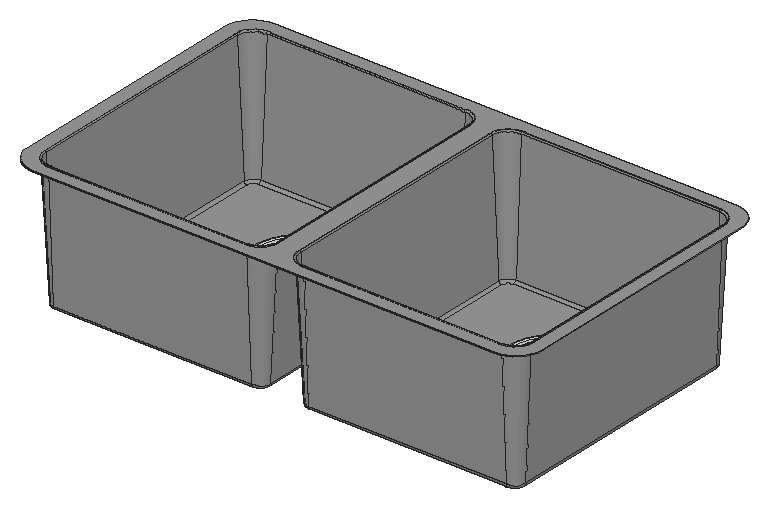
Revit family "SKS-KU768", category Plumbing Fixtures, host Face, Revit 2015
Parameters
  URL = "seima.com.au"
  Model = "SKS-KU768"
  Manufacturer = "SEIMA"
  Default Elevation = 900 mm
Reference planes
  plane 1 "Centro (Frente/Trás)": y = 0
  plane 2: z = 0
  plane 3 "Centro (Esquerda/Direita)": x = 0
  plane 4 "drain": z = -240.782
  plane 5: x = -187.5
  plane 6: x = 187.5
Forms (mm)
  Extrusion 1, solid, material "Padrão", not visible, detail levels fine
    sketch origin (0, 0, 0) x (1, 0, 0) y (0, 1, 0)
      loop
        line (-1500, 1500) -> (-1500, -1500) -> (1500, -1500) -> (1500, 1500) -> (-1500, 1500)
      loop
        line (-1450, 1450) -> (-1450, -1450) -> (1450, -1450) -> (1450, 1450) -> (-1450, 1450)
    from 0 to -175.6
  Extrusion 2, solid, material "SEIMA_STAINLESS_STEEL"
    sketch origin (0, 0, 0) x (1, 0, 0) y (0, 1, 0)
      loop
        arc (-339.5, 147.124) -> (-367.784, 135.408) -> (-379.5, 107.124) r 40
        line (-379.5, 107.124) -> (-379.5, -256.876)
        arc (-379.5, -256.876) -> (-367.784, -285.16) -> (-339.5, -296.876) r 40
        line (-339.5, -296.876) -> (339.5, -296.876)
        arc (339.5, -296.876) -> (367.784, -285.16) -> (379.5, -256.876) r 40
        line (379.5, -256.876) -> (379.5, 107.124)
        arc (379.5, 107.124) -> (367.784, 135.408) -> (339.5, 147.124) r 40
        line (339.5, 147.124) -> (-339.5, 147.124)
      loop
        line (333.372, 127.497) -> (41.628, 127.497)
        arc (41.628, 127.497) -> (22.889, 119.735) -> (15.128, 100.997) r 26.5
        line (15.128, 100.997) -> (15.128, -250.748)
        arc (15.128, -250.748) -> (22.889, -269.487) -> (41.628, -277.248) r 26.5
        line (41.628, -277.248) -> (333.372, -277.248)
        arc (333.372, -277.248) -> (352.111, -269.487) -> (359.872, -250.748) r 26.5
        line (359.872, -250.748) -> (359.872, 100.997)
        arc (359.872, 100.997) -> (352.111, 119.735) -> (333.372, 127.497) r 26.5
      loop
        arc (-333.372, 127.372) -> (-352.111, 119.611) -> (-359.872, 100.872) r 26.5
        line (-359.872, 100.872) -> (-359.872, -250.748)
        arc (-359.872, -250.748) -> (-352.111, -269.487) -> (-333.372, -277.248) r 26.5
        line (-333.372, -277.248) -> (-41.628, -277.248)
        arc (-41.628, -277.248) -> (-22.889, -269.487) -> (-15.128, -250.748) r 26.5
        line (-15.128, -250.748) -> (-15.128, 100.872)
        arc (-15.128, 100.872) -> (-22.889, 119.611) -> (-41.628, 127.372) r 26.5
        line (-41.628, 127.372) -> (-333.372, 127.372)
    from -0.8 to 0
  Sweep 3, solid
    path origin (-187.5, 0, -24.198) x (1, 0, 0) y (0, 1, 0)
      loop
        circle (0, 0) r 59.669
    profile origin (-187.5, 59.669, -24.198) x (0, -1, 0) y (0, 0, 1)
      loop
        line (0, -170.002) -> (0, -171.002) -> (3.149, -174.151) -> (14.172, -175.988) -> (14.172, -174.988) -> (3.149, -173.151) -> (0, -170.002)
  Sweep 4, solid, material "SEIMA_STAINLESS_STEEL"
    path origin (-7.443, 0, 0) x (1, 0, 0) y (0, 1, 0)
      loop
        arc (-325.929, 127.497) -> (-344.667, 119.735) -> (-352.429, 100.997) r 26.5
        line (-352.429, 100.997) -> (-352.429, -250.748)
        arc (-352.429, -250.748) -> (-344.667, -269.487) -> (-325.929, -277.248) r 26.5
        line (-325.929, -277.248) -> (-34.184, -277.248)
        arc (-34.184, -277.248) -> (-15.446, -269.487) -> (-7.684, -250.748) r 26.5
        line (-7.684, -250.748) -> (-7.684, 100.997)
        arc (-7.684, 100.997) -> (-15.446, 119.735) -> (-34.184, 127.497) r 26.5
        line (-34.184, 127.497) -> (-325.929, 127.497)
    profile origin (-15.128, -74.876, 0) x (1, 0, 0) y (0, 0, 1)
      loop
        arc (-1.498, -2.222) -> (-1.033, -1.212) -> (0, -0.8) r 1.5
        line (0, -0.8) -> (0, 0)
        arc (0, 0) -> (-1.583, -0.632) -> (-2.297, -2.18) r 2.3
        line (-2.297, -2.18) -> (-12.141, -190.22)
        arc (-12.141, -190.22) -> (-13.444, -193.046) -> (-16.335, -194.2) r 4.2
        line (-16.335, -194.2) -> (-16.335, -195)
        arc (-16.335, -195) -> (-12.894, -193.627) -> (-11.342, -190.261) r 5
        line (-11.342, -190.261) -> (-1.498, -2.222)
  Extrusion 5, solid, material "SEIMA_STAINLESS_STEEL"
    sketch origin (0, 0, 0) x (1, 0, 0) y (0, 1, 0)
      loop
        arc (-333.372, 111.161) -> (-340.56, 108.184) -> (-343.537, 100.997) r 10.165
        line (-343.537, 100.997) -> (-343.537, -250.748)
        arc (-343.537, -250.748) -> (-340.56, -257.936) -> (-333.372, -260.913) r 10.165
        line (-333.372, -260.913) -> (-41.628, -260.913)
        arc (-41.628, -260.913) -> (-34.44, -257.936) -> (-31.463, -250.748) r 10.165
        line (-31.463, -250.748) -> (-31.463, 100.997)
        arc (-31.463, 100.997) -> (-34.44, 108.184) -> (-41.628, 111.161) r 10.165
        line (-41.628, 111.161) -> (-333.372, 111.161)
      loop
        line (31.463, 100.997) -> (31.463, -250.748)
        arc (31.463, -250.748) -> (34.44, -257.936) -> (41.628, -260.913) r 10.165
        line (41.628, -260.913) -> (333.372, -260.913)
        arc (333.372, -260.913) -> (340.56, -257.936) -> (343.537, -250.748) r 10.165
        line (343.537, -250.748) -> (343.537, 100.997)
        arc (343.537, 100.997) -> (340.56, 108.184) -> (333.372, 111.161) r 10.165
        line (333.372, 111.161) -> (41.628, 111.161)
        arc (41.628, 111.161) -> (34.44, 108.184) -> (31.463, 100.997) r 10.165
      loop
        circle (-187.5, 0) r 59.669
      loop
        circle (187.5, 0) r 59.669
    from -195 to -194.2
  Sweep 6, solid
    path origin (187.5, 0, -24.198) x (1, 0, 0) y (0, 1, 0)
      loop
        circle (0, 0) r 59.669
    profile origin (187.5, 59.669, -24.198) x (0, -1, 0) y (0, 0, 1)
      loop
        line (0, -170.002) -> (0, -171.002) -> (3.149, -174.151) -> (14.172, -175.988) -> (14.172, -174.988) -> (3.149, -173.151) -> (0, -170.002)
  Sweep 7, solid, material "SEIMA_STAINLESS_STEEL"
    path origin (7.443, 0, 0) x (-1, 0, 0) y (0, -1, 0)
      loop
        line (-325.929, -127.497) -> (-34.184, -127.497)
        arc (-34.184, -127.497) -> (-15.446, -119.735) -> (-7.684, -100.997) r 26.5
        line (-7.684, -100.997) -> (-7.684, 250.748)
        arc (-7.684, 250.748) -> (-15.446, 269.487) -> (-34.184, 277.248) r 26.5
        line (-34.184, 277.248) -> (-325.929, 277.248)
        arc (-325.929, 277.248) -> (-344.667, 269.487) -> (-352.429, 250.748) r 26.5
        line (-352.429, 250.748) -> (-352.429, -100.997)
        arc (-352.429, -100.997) -> (-344.667, -119.735) -> (-325.929, -127.497) r 26.5
    profile origin (15.128, -74.876, 0) x (1, 0, 0) y (0, 0, 1)
      loop
        line (1.498, -2.222) -> (11.342, -190.261)
        arc (11.342, -190.261) -> (12.894, -193.627) -> (16.335, -195) r 5
        line (16.335, -195) -> (16.335, -194.2)
        arc (16.335, -194.2) -> (13.444, -193.046) -> (12.141, -190.22) r 4.2
        line (12.141, -190.22) -> (2.297, -2.18)
        arc (2.297, -2.18) -> (1.583, -0.632) -> (0, 0) r 2.3
        line (0, 0) -> (0, -0.8)
        arc (0, -0.8) -> (1.033, -1.212) -> (1.498, -2.222) r 1.5
Cuts and joins
  joined: Sweep 4, Extrusion 5, Sweep 7
Dimensions and locks
  aligned and locked: plane 2 to Extrusion 1
  aligned and locked: level to Extrusion 1
Nested families
  nested 1: "basket_waste" at (-187.5, 0, -195.782), type "basket_waste", detail levels fine
  nested 2: "basket_waste" at (187.5, 0, -195.782), type "basket_waste", detail levels fine
Connectors
  piping at (-187.5, 0, -240.782), diameter 40
    settings: index 2, connector inside diameter 609.6 mm, connector length 0 mm, flow factor 0, pipe flow 0.0 L/s, pressure drop 0.0 Pa, fitting loss kfactor 0, connector angle 0.00°, fixture units 0, engagement length 0 mm, angle of deflection 0.00°, flow configuration 0, flow direction 2, fitting loss method 0, system type 16, joint type 0, gender type 0, connector reference index -1, connector utility 0, adjustable connector no, is connector primary yes, connector description ""
  piping at (187.5, 0, -240.782), diameter 40
    settings: index 3, connector inside diameter 609.6 mm, connector length 0 mm, flow factor 0, pipe flow 0.0 L/s, pressure drop 0.0 Pa, fitting loss kfactor 0, connector angle 0.00°, fixture units 0, engagement length 0 mm, angle of deflection 0.00°, flow configuration 0, flow direction 2, fitting loss method 0, system type 16, joint type 0, gender type 0, connector reference index -1, connector utility 0, adjustable connector no, is connector primary no, connector description ""
Definition of nested family "basket_waste"
  Parameters (values of type "basket_waste")
    Default Elevation = 1219.2 mm
  Reference planes
    plane 1 "Centro (Frente/Trás)": y = 0
    plane 2: z = 0
    plane 3 "Centro (Esquerda/Direita)": x = 0
  Forms (mm)
    Extrusion 1, solid
      sketch origin (0, 0, 0) x (1, 0, 0) y (0, 1, 0)
        loop
          line (-120, 140) -> (-120, -133.115) -> (112.501, -133.115) -> (112.501, 140) -> (-120, 140)
      from 0 to -304.8
    Revolve 2, solid
      sketch origin (0, 0, 0) x (0, 1, 0) y (0, 0, 1)
        loop
          line (-50.396, 0) -> (-57.813, 0) -> (-43.273, -1.577)
          arc (-43.273, -1.577) -> (-40.091, -3.209) -> (-38.812, -6.548) r 5
          line (-38.812, -6.548) -> (-38.813, -20)
          arc (-38.813, -20) -> (-36.08, -26.869) -> (-29.375, -29.984) r 10
          arc (-29.375, -29.984) -> (-25.823, -31.659) -> (-24.375, -35.3) r 5.3
          line (-24.375, -35.3) -> (-24.375, -41.7)
          arc (-24.375, -41.7) -> (-23.408, -44.033) -> (-21.075, -45) r 3.3
          line (-21.075, -45) -> (0, -45) -> (0, -44.2) -> (-21.075, -44.2)
          arc (-21.075, -44.2) -> (-22.843, -43.468) -> (-23.575, -41.7) r 2.5
          line (-23.575, -41.7) -> (-23.575, -35.3)
          arc (-23.575, -35.3) -> (-25.242, -31.11) -> (-29.332, -29.21) r 6.1
          arc (-29.332, -29.21) -> (-35.498, -26.32) -> (-38.013, -20) r 9.2
          line (-38.013, -20) -> (-38.012, -6.548)
          arc (-38.012, -6.548) -> (-39.496, -2.675) -> (-43.187, -0.782) r 5.8
          line (-43.187, -0.782) -> (-50.396, 0)
        axis (0, 0) -> (0, -45)
      angle from 0 to 360
    Revolve 3, solid
      sketch origin (0, 0, 0) x (0, 1, 0) y (0, 0, 1)
        loop
          line (-20.985, -33.693) -> (0, -33.693) -> (0, -14.506) -> (-6.884, -14.506)
          arc (-6.884, -14.506) -> (-7.986, -14.962) -> (-8.442, -16.064) r 1.558
          line (-8.442, -16.064) -> (-6.571, -16.064)
          spline (-6.571, -16.064) -> (-6.214, -17.343) -> (-5.932, -18.652) -> (-5.723, -19.991) -> (-5.588, -21.36) -> (-5.527, -22.759) -> (-5.541, -24.188) -> (-5.628, -25.648) -> (-5.79, -27.137) -> (-6.025, -28.656) -> (-6.335, -30.205) -> (-6.719, -31.784) -> (-7.177, -33.393)
          line (-7.177, -33.393) -> (-20.792, -33.393)
          spline (-20.792, -33.393) -> (-21.995, -31.218) -> (-23.476, -29.492) -> (-25.148, -28.128) -> (-26.926, -27.035) -> (-28.727, -26.123) -> (-30.47, -25.298) -> (-32.074, -24.468) -> (-33.466, -23.552) -> (-34.575, -22.468) -> (-35.333, -21.13) -> (-35.684, -19.424) -> (-35.551, -17.238)
          arc (-35.551, -17.238) -> (-35.791, -16.502) -> (-36.46, -16.113) r 1.086
          arc (-36.46, -16.113) -> (-36.013, -16.568) -> (-35.849, -17.185) r 1.246
          spline (-35.849, -17.185) -> (-35.994, -19.459) -> (-35.625, -21.267) -> (-34.82, -22.699) -> (-33.659, -23.846) -> (-32.22, -24.8) -> (-30.582, -25.651) -> (-28.823, -26.49) -> (-27.023, -27.409) -> (-25.261, -28.497) -> (-23.614, -29.847) -> (-22.163, -31.548) -> (-20.985, -33.693)
        axis (0, -14.506) -> (0, -33.693)
      angle from 0 to 360
    Extrusion 4, void
      sketch origin (0, 0, 0) x (1, 0, 0) y (0, 1, 0)
        loop
          spline (-1, -32.405) -> (-0.966, -32.69) -> (-0.866, -32.957) -> (-0.707, -33.185) -> (-0.5, -33.361) -> (-0.259, -33.471) -> (0, -33.509) -> (0.259, -33.471) -> (0.5, -33.361) -> (0.707, -33.185) -> (0.866, -32.957) -> (0.966, -32.69) -> (1, -32.405)
          line (1, -32.405) -> (1, -12.995)
          spline (1, -12.995) -> (0.966, -12.709) -> (0.866, -12.443) -> (0.707, -12.214) -> (0.5, -12.038) -> (0.259, -11.928) -> (0, -11.89) -> (-0.259, -11.928) -> (-0.5, -12.038) -> (-0.707, -12.214) -> (-0.866, -12.443) -> (-0.966, -12.709) -> (-1, -12.995)
          line (-1, -12.995) -> (-1, -32.405)
        loop
          spline (10.143, -30.792) -> (10.273, -31.049) -> (10.458, -31.265) -> (10.686, -31.426) -> (10.94, -31.52) -> (11.205, -31.541) -> (11.461, -31.488) -> (11.691, -31.364) -> (11.88, -31.178) -> (12.015, -30.942) -> (12.086, -30.673) -> (12.088, -30.389) -> (12.023, -30.108)
          line (12.023, -30.108) -> (5.384, -11.869)
          spline (5.384, -11.869) -> (5.254, -11.612) -> (5.069, -11.396) -> (4.842, -11.235) -> (4.587, -11.141) -> (4.323, -11.12) -> (4.067, -11.173) -> (3.836, -11.297) -> (3.648, -11.483) -> (3.513, -11.719) -> (3.442, -11.988) -> (3.439, -12.273) -> (3.505, -12.553)
          line (3.505, -12.553) -> (10.143, -30.792)
        loop
          spline (20.063, -25.466) -> (20.273, -25.663) -> (20.521, -25.803) -> (20.79, -25.876) -> (21.061, -25.877) -> (21.317, -25.807) -> (21.539, -25.669) -> (21.713, -25.474) -> (21.827, -25.235) -> (21.873, -24.967) -> (21.848, -24.69) -> (21.753, -24.421) -> (21.595, -24.181)
          line (21.595, -24.181) -> (9.119, -9.312)
          spline (9.119, -9.312) -> (8.909, -9.115) -> (8.661, -8.975) -> (8.393, -8.902) -> (8.121, -8.901) -> (7.865, -8.971) -> (7.643, -9.109) -> (7.469, -9.304) -> (7.355, -9.543) -> (7.309, -9.811) -> (7.335, -10.088) -> (7.429, -10.356) -> (7.587, -10.597)
          line (7.587, -10.597) -> (20.063, -25.466)
        loop
          spline (27.563, -17.068) -> (27.828, -17.182) -> (28.108, -17.228) -> (28.386, -17.205) -> (28.641, -17.114) -> (28.858, -16.96) -> (29.02, -16.754) -> (29.116, -16.512) -> (29.141, -16.247) -> (29.093, -15.98) -> (28.974, -15.728) -> (28.794, -15.509) -> (28.563, -15.336)
          line (28.563, -15.336) -> (11.754, -5.631)
          spline (11.754, -5.631) -> (11.489, -5.518) -> (11.209, -5.471) -> (10.931, -5.495) -> (10.676, -5.586) -> (10.459, -5.74) -> (10.297, -5.945) -> (10.201, -6.188) -> (10.176, -6.452) -> (10.224, -6.719) -> (10.343, -6.971) -> (10.523, -7.191) -> (10.754, -7.363)
          line (10.754, -7.363) -> (27.563, -17.068)
        loop
          spline (31.739, -6.612) -> (32.026, -6.628) -> (32.306, -6.576) -> (32.559, -6.459) -> (32.767, -6.285) -> (32.918, -6.067) -> (33, -5.819) -> (33.008, -5.557) -> (32.941, -5.301) -> (32.804, -5.066) -> (32.606, -4.87) -> (32.362, -4.725) -> (32.086, -4.642)
          line (32.086, -4.642) -> (12.971, -1.272)
          spline (12.971, -1.272) -> (12.684, -1.256) -> (12.404, -1.308) -> (12.151, -1.425) -> (11.942, -1.598) -> (11.792, -1.816) -> (11.71, -2.065) -> (11.702, -2.326) -> (11.769, -2.583) -> (11.906, -2.817) -> (12.103, -3.014) -> (12.348, -3.158) -> (12.624, -3.241)
          line (12.624, -3.241) -> (31.739, -6.612)
        loop
          spline (32.086, 4.642) -> (32.362, 4.725) -> (32.606, 4.87) -> (32.804, 5.066) -> (32.941, 5.301) -> (33.008, 5.557) -> (33, 5.819) -> (32.918, 6.067) -> (32.767, 6.285) -> (32.559, 6.459) -> (32.306, 6.576) -> (32.026, 6.628) -> (31.739, 6.612)
          line (31.739, 6.612) -> (12.624, 3.241)
          spline (12.624, 3.241) -> (12.348, 3.158) -> (12.103, 3.014) -> (11.906, 2.817) -> (11.769, 2.583) -> (11.702, 2.326) -> (11.71, 2.065) -> (11.792, 1.816) -> (11.942, 1.598) -> (12.151, 1.425) -> (12.404, 1.308) -> (12.684, 1.256) -> (12.971, 1.272)
          line (12.971, 1.272) -> (32.086, 4.642)
        loop
          spline (28.563, 15.336) -> (28.794, 15.509) -> (28.974, 15.728) -> (29.093, 15.98) -> (29.141, 16.247) -> (29.116, 16.512) -> (29.02, 16.754) -> (28.858, 16.96) -> (28.641, 17.114) -> (28.386, 17.205) -> (28.108, 17.228) -> (27.828, 17.182) -> (27.563, 17.068)
          line (27.563, 17.068) -> (10.754, 7.363)
          spline (10.754, 7.363) -> (10.523, 7.191) -> (10.343, 6.971) -> (10.224, 6.719) -> (10.176, 6.452) -> (10.201, 6.188) -> (10.297, 5.945) -> (10.459, 5.74) -> (10.676, 5.586) -> (10.931, 5.495) -> (11.209, 5.471) -> (11.489, 5.518) -> (11.754, 5.631)
          line (11.754, 5.631) -> (28.563, 15.336)
        loop
          spline (21.595, 24.181) -> (21.753, 24.421) -> (21.848, 24.69) -> (21.873, 24.967) -> (21.827, 25.235) -> (21.713, 25.474) -> (21.539, 25.669) -> (21.317, 25.807) -> (21.061, 25.877) -> (20.79, 25.876) -> (20.521, 25.803) -> (20.273, 25.663) -> (20.063, 25.466)
          line (20.063, 25.466) -> (7.587, 10.597)
          spline (7.587, 10.597) -> (7.429, 10.356) -> (7.335, 10.088) -> (7.309, 9.811) -> (7.355, 9.543) -> (7.469, 9.304) -> (7.643, 9.109) -> (7.865, 8.971) -> (8.121, 8.901) -> (8.393, 8.902) -> (8.661, 8.975) -> (8.909, 9.115) -> (9.119, 9.312)
          line (9.119, 9.312) -> (21.595, 24.181)
        loop
          spline (12.023, 30.108) -> (12.088, 30.389) -> (12.086, 30.673) -> (12.015, 30.942) -> (11.88, 31.178) -> (11.691, 31.364) -> (11.461, 31.488) -> (11.205, 31.541) -> (10.94, 31.52) -> (10.686, 31.426) -> (10.458, 31.265) -> (10.273, 31.049) -> (10.143, 30.792)
          line (10.143, 30.792) -> (3.505, 12.553)
          spline (3.505, 12.553) -> (3.439, 12.273) -> (3.442, 11.988) -> (3.513, 11.719) -> (3.648, 11.483) -> (3.836, 11.297) -> (4.067, 11.173) -> (4.323, 11.12) -> (4.587, 11.141) -> (4.842, 11.235) -> (5.069, 11.396) -> (5.254, 11.612) -> (5.384, 11.869)
          line (5.384, 11.869) -> (12.023, 30.108)
        loop
          spline (1, 32.405) -> (0.966, 32.69) -> (0.866, 32.957) -> (0.707, 33.185) -> (0.5, 33.361) -> (0.259, 33.471) -> (0, 33.509) -> (-0.259, 33.471) -> (-0.5, 33.361) -> (-0.707, 33.185) -> (-0.866, 32.957) -> (-0.966, 32.69) -> (-1, 32.405)
          line (-1, 32.405) -> (-1, 12.995)
          spline (-1, 12.995) -> (-0.966, 12.709) -> (-0.866, 12.443) -> (-0.707, 12.214) -> (-0.5, 12.038) -> (-0.259, 11.928) -> (0, 11.89) -> (0.259, 11.928) -> (0.5, 12.038) -> (0.707, 12.214) -> (0.866, 12.443) -> (0.966, 12.709) -> (1, 12.995)
          line (1, 12.995) -> (1, 32.405)
        loop
          line (-10.143, -30.792) -> (-3.505, -12.553)
          spline (-3.505, -12.553) -> (-3.439, -12.273) -> (-3.442, -11.988) -> (-3.513, -11.719) -> (-3.648, -11.483) -> (-3.836, -11.297) -> (-4.067, -11.173) -> (-4.323, -11.12) -> (-4.587, -11.141) -> (-4.842, -11.235) -> (-5.069, -11.396) -> (-5.254, -11.612) -> (-5.384, -11.869)
          line (-5.384, -11.869) -> (-12.023, -30.108)
          spline (-12.023, -30.108) -> (-12.088, -30.389) -> (-12.086, -30.673) -> (-12.015, -30.942) -> (-11.88, -31.178) -> (-11.691, -31.364) -> (-11.461, -31.488) -> (-11.205, -31.541) -> (-10.94, -31.52) -> (-10.686, -31.426) -> (-10.458, -31.265) -> (-10.273, -31.049) -> (-10.143, -30.792)
        loop
          line (-20.063, -25.466) -> (-7.587, -10.597)
          spline (-7.587, -10.597) -> (-7.429, -10.356) -> (-7.335, -10.088) -> (-7.309, -9.811) -> (-7.355, -9.543) -> (-7.469, -9.304) -> (-7.643, -9.109) -> (-7.865, -8.971) -> (-8.121, -8.901) -> (-8.393, -8.902) -> (-8.661, -8.975) -> (-8.909, -9.115) -> (-9.119, -9.312)
          line (-9.119, -9.312) -> (-21.595, -24.181)
          spline (-21.595, -24.181) -> (-21.753, -24.421) -> (-21.848, -24.69) -> (-21.873, -24.967) -> (-21.827, -25.235) -> (-21.713, -25.474) -> (-21.539, -25.669) -> (-21.317, -25.807) -> (-21.061, -25.877) -> (-20.79, -25.876) -> (-20.521, -25.803) -> (-20.273, -25.663) -> (-20.063, -25.466)
        loop
          line (-27.563, -17.068) -> (-10.754, -7.363)
          spline (-10.754, -7.363) -> (-10.523, -7.191) -> (-10.343, -6.971) -> (-10.224, -6.719) -> (-10.176, -6.452) -> (-10.201, -6.188) -> (-10.297, -5.945) -> (-10.459, -5.74) -> (-10.676, -5.586) -> (-10.931, -5.495) -> (-11.209, -5.471) -> (-11.489, -5.518) -> (-11.754, -5.631)
          line (-11.754, -5.631) -> (-28.563, -15.336)
          spline (-28.563, -15.336) -> (-28.794, -15.509) -> (-28.974, -15.728) -> (-29.093, -15.98) -> (-29.141, -16.247) -> (-29.116, -16.512) -> (-29.02, -16.754) -> (-28.858, -16.96) -> (-28.641, -17.114) -> (-28.386, -17.205) -> (-28.108, -17.228) -> (-27.828, -17.182) -> (-27.563, -17.068)
        loop
          line (-31.739, -6.612) -> (-12.624, -3.241)
          spline (-12.624, -3.241) -> (-12.348, -3.158) -> (-12.103, -3.014) -> (-11.906, -2.817) -> (-11.769, -2.583) -> (-11.702, -2.326) -> (-11.71, -2.065) -> (-11.792, -1.816) -> (-11.942, -1.598) -> (-12.151, -1.425) -> (-12.404, -1.308) -> (-12.684, -1.256) -> (-12.971, -1.272)
          line (-12.971, -1.272) -> (-32.086, -4.642)
          spline (-32.086, -4.642) -> (-32.362, -4.725) -> (-32.606, -4.87) -> (-32.804, -5.066) -> (-32.941, -5.301) -> (-33.008, -5.557) -> (-33, -5.819) -> (-32.918, -6.067) -> (-32.767, -6.285) -> (-32.559, -6.459) -> (-32.306, -6.576) -> (-32.026, -6.628) -> (-31.739, -6.612)
        loop
          line (-32.086, 4.642) -> (-12.971, 1.272)
          spline (-12.971, 1.272) -> (-12.684, 1.256) -> (-12.404, 1.308) -> (-12.151, 1.425) -> (-11.942, 1.598) -> (-11.792, 1.816) -> (-11.71, 2.065) -> (-11.702, 2.326) -> (-11.769, 2.583) -> (-11.906, 2.817) -> (-12.103, 3.014) -> (-12.348, 3.158) -> (-12.624, 3.241)
          line (-12.624, 3.241) -> (-31.739, 6.612)
          spline (-31.739, 6.612) -> (-32.026, 6.628) -> (-32.306, 6.576) -> (-32.559, 6.459) -> (-32.767, 6.285) -> (-32.918, 6.067) -> (-33, 5.819) -> (-33.008, 5.557) -> (-32.941, 5.301) -> (-32.804, 5.066) -> (-32.606, 4.87) -> (-32.362, 4.725) -> (-32.086, 4.642)
        loop
          line (-28.563, 15.336) -> (-11.754, 5.631)
          spline (-11.754, 5.631) -> (-11.489, 5.518) -> (-11.209, 5.471) -> (-10.931, 5.495) -> (-10.676, 5.586) -> (-10.459, 5.74) -> (-10.297, 5.945) -> (-10.201, 6.188) -> (-10.176, 6.452) -> (-10.224, 6.719) -> (-10.343, 6.971) -> (-10.523, 7.191) -> (-10.754, 7.363)
          line (-10.754, 7.363) -> (-27.563, 17.068)
          spline (-27.563, 17.068) -> (-27.828, 17.182) -> (-28.108, 17.228) -> (-28.386, 17.205) -> (-28.641, 17.114) -> (-28.858, 16.96) -> (-29.02, 16.754) -> (-29.116, 16.512) -> (-29.141, 16.247) -> (-29.093, 15.98) -> (-28.974, 15.728) -> (-28.794, 15.509) -> (-28.563, 15.336)
        loop
          line (-21.595, 24.181) -> (-9.119, 9.312)
          spline (-9.119, 9.312) -> (-8.909, 9.115) -> (-8.661, 8.975) -> (-8.393, 8.902) -> (-8.121, 8.901) -> (-7.865, 8.971) -> (-7.643, 9.109) -> (-7.469, 9.304) -> (-7.355, 9.543) -> (-7.309, 9.811) -> (-7.335, 10.088) -> (-7.429, 10.356) -> (-7.587, 10.597)
          line (-7.587, 10.597) -> (-20.063, 25.466)
          spline (-20.063, 25.466) -> (-20.273, 25.663) -> (-20.521, 25.803) -> (-20.79, 25.876) -> (-21.061, 25.877) -> (-21.317, 25.807) -> (-21.539, 25.669) -> (-21.713, 25.474) -> (-21.827, 25.235) -> (-21.873, 24.967) -> (-21.848, 24.69) -> (-21.753, 24.421) -> (-21.595, 24.181)
        loop
          line (-12.023, 30.108) -> (-5.384, 11.869)
          spline (-5.384, 11.869) -> (-5.254, 11.612) -> (-5.069, 11.396) -> (-4.842, 11.235) -> (-4.587, 11.141) -> (-4.323, 11.12) -> (-4.067, 11.173) -> (-3.836, 11.297) -> (-3.648, 11.483) -> (-3.513, 11.719) -> (-3.442, 11.988) -> (-3.439, 12.273) -> (-3.505, 12.553)
          line (-3.505, 12.553) -> (-10.143, 30.792)
          spline (-10.143, 30.792) -> (-10.273, 31.049) -> (-10.458, 31.265) -> (-10.686, 31.426) -> (-10.94, 31.52) -> (-11.205, 31.541) -> (-11.461, 31.488) -> (-11.691, 31.364) -> (-11.88, 31.178) -> (-12.015, 30.942) -> (-12.086, 30.673) -> (-12.088, 30.389) -> (-12.023, 30.108)
      from -35 to -13.692
    Extrusion 5, void
      sketch origin (0, 0, 0) x (1, 0, 0) y (0, 1, 0)
        loop
          circle (0.008, -0.062) r 3.997
        loop
          line (16.52, -10.641) -> (7.939, -7.679)
          arc (7.939, -7.679) -> (6.466, -8.962) -> (4.789, -9.965) r 10.997
          line (4.789, -9.965) -> (4.942, -19.041)
          arc (4.942, -19.041) -> (11.524, -15.934) -> (16.52, -10.641) r 19.61
        loop
          line (-4.95, -19.035) -> (-4.786, -9.958)
          arc (-4.786, -9.958) -> (-6.461, -8.954) -> (-7.933, -7.669) r 10.997
          line (-7.933, -7.669) -> (-16.518, -10.619)
          arc (-16.518, -10.619) -> (-11.529, -15.919) -> (-4.95, -19.035) r 19.61
        loop
          line (-19.568, -1.209) -> (-10.885, 1.44)
          arc (-10.885, 1.44) -> (-10.448, 3.344) -> (-9.68, 5.14) r 10.997
          line (-9.68, 5.14) -> (-15.139, 12.394)
          arc (-15.139, 12.394) -> (-18.638, 6.011) -> (-19.568, -1.209) r 19.61
        loop
          line (-7.132, 18.203) -> (-1.93, 10.763)
          arc (-1.93, 10.763) -> (0.016, 10.935) -> (1.961, 10.76) r 10.997
          line (1.961, 10.76) -> (7.173, 18.193)
          arc (7.173, 18.193) -> (0.021, 19.549) -> (-7.132, 18.203) r 19.61
        loop
          line (15.172, 12.373) -> (9.704, 5.127)
          arc (9.704, 5.127) -> (10.469, 3.33) -> (10.904, 1.425) r 10.997
          line (10.904, 1.425) -> (19.584, -1.235)
          arc (19.584, -1.235) -> (18.663, 5.986) -> (15.172, 12.373) r 19.61
      from -49.503 to -41.931
    Sweep 6, solid
      path origin (0, 0, 0) x (1, 0, 0) y (0, 1, 0)
        loop
          circle (0, 0) r 22
      profile origin (0, 22, 0) x (0, -1, 0) y (0, 0, 1)
        loop
          line (0.59, -45) -> (0.59, -47.5) -> (1.39, -47.5) -> (1.39, -45) -> (0.59, -45)
  Cuts and joins
    Extrusion 4 cuts Revolve 3
    Extrusion 5 cuts Revolve 2
  Dimensions and locks
    aligned and locked: plane 2 to Extrusion 1
    aligned and locked: level to Extrusion 1
